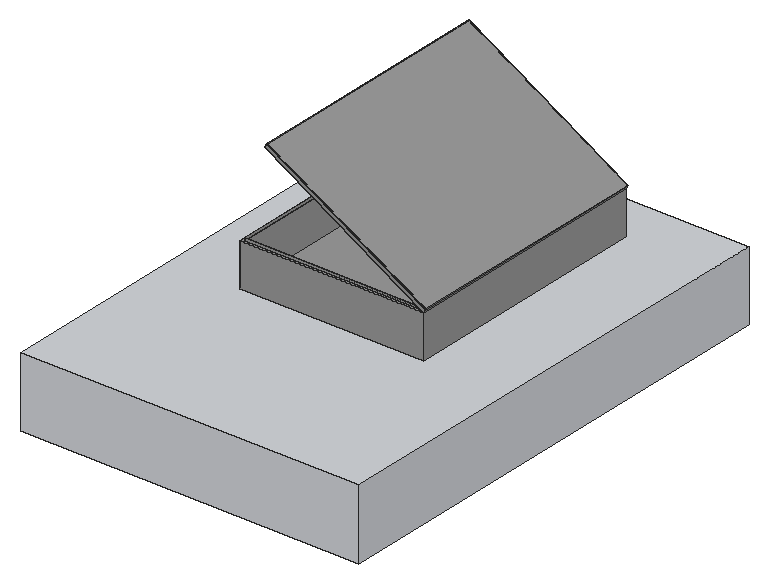
Revit family "Hager-Univers-IP54-D205-H1100-Cl.II-Encl-PT-pt", category Equipement électrique, Revit 2020
Family settings
  Hôte = Face
  Configuration du panneau = Deux colonnes, circuits au sein
  Cote de connecteur circulaire = Utiliser le diamètre
  Type d'élément = Tableau de raccordement
  Couper avec des vides une fois chargée = Non
  Partagée = Non
  Point de calcul de pièce = Non
Parameters (values of type "Montagem em superfície (gesso) IP54 L800 A1100 P205  - FP73SW2")
  Width Control [instance] = if([EF000008 - Largura] > Min Width, [EF000008 - Largura], Min Width)  # 800 mm
  Commentaires du type = [HG000003 - Gama]  # "Univers"
  Thickness Door [instance] = if([EF009171 - Espessura do material da porta/tampa] > 3 mm, 3 mm, [EF009171 - Espessura do material da porta/tampa])  # 1 mm
  Seal Frame Offset [instance] = 17 mm  # constant formula
  Plinth Visibility [instance] = [HG000027 - Altura da Plinta] > 0 mm  # no
  Model = ""
  Min Width [instance] = 100 mm  # constant formula
  Min Height [instance] = 100 mm  # constant formula
  Min Depth [instance] = (2 * [EF009170 - Espessura do material do invólucro]) + 1 mm  # 3 mm
  Internal Frame Depth [instance] = (Door System Depth * 0.5)  # 9 mm
  Height Control [instance] = if([EF000040 - Altura] > Min Height, [EF000040 - Altura], Min Height)  # 1100 mm
  HG000027 - Altura da Plinta = 0 mm
  HG000026 - Instalação no chão = no
  HG000024 - Altura da secção inferior = 800 mm
  HG000023 - Recinto de secção dupla = no
  HG000016 - Visibilidade da porta 3D [instance] = yes
  HG000015 - Visibilidade através da porta [instance] = no
  HG000014 - Porta à direita [instance] = yes
  HG000013 - Porta à esquerda [instance] = not([HG000014 - Porta à direita])  # no
  HG000012 - Ângulo de abertura de porta [instance] = 30.00°
  HG000010 - Portas assimétricas = no
  HG000009 - Porta dupla = no
  HG000006 - Encastrado = no
  HG000004 - Referência do Fabricante = "FP73SW2"
  HG000003 - Gama = "Univers"
  HG000002 - Com porta ou tampa = yes
  Frame Offset Bottom [instance] = 10 mm  # constant formula
  Frame Offset [instance] = 15 mm  # constant formula
  EF015940 - Tampa com libertação de sobrepressão = no
  EF011959 - Grau de proteção (NEMA) = ""
  EF009554 - Número de aberturas para placas de flange = 6
  Fabricant = "Hager"  # constant formula
  EF009212 - Tipo de tampa = "EV000116 - Fechado"
  EF009171 - Espessura do material da porta/tampa = 1 mm
  EF009170 - Espessura do material do invólucro = 1 mm
  EF008873 - Corrente nominal (In) = 250 A
  EF007800 - Adequado para proteção contra raios = no
  EF006306 - Com fecho = no
  EF006244 - Tampa/porta transparente = no
  EF005474 - Grau de proteção (IP) = "EV006419 - IP54"
  EF004464 - Tipo de porta = "EV002646 - Único"
  EF004427 - Número de módulos = 252
  EF004293 - Força de impacto = "EV006815 - IK09"
  EF003532 - Adequado para uso no exterior = no
  EF002950 - Largura em número de módulos = 36
  EF001613 - Integridade do circuito = "EV000494 - Nenhum"
  EF001596 - Material do corpo = "EV000179 - Aço"
  EF001131 - Profundidade interior = 130 mm
  EF001088 - Extensão possível = yes
  EF000437 - Número de entradas de condutores = 6
  EF000339 - Tipo de difusor = "EV004216 - Porta"
  EF000266 - Número de linhas = 7
  EF000218 - Profundidade incorporada = 205 mm
  EF000118 - Com tampa de montagem = no
  EF000116 - Número RAL = "9010"
  EF000049 - Profundidade = 205 mm
  EF000040 - Altura = 1100 mm
  EF000008 - Largura = 800 mm
  EF000007 - Cor = "EV000202 - Branco"
  EF000003 - Método de montagem = "EV000384 - Montagem em superfície (gesso)"
  Door System Leaf Tolerance [instance] = 1.5 mm  # constant formula
  Door System Depth [instance] = 18 mm  # constant formula
  Door Height [instance] = Height Control - [HG000027 - Altura da Plinta]  # 1100 mm
  Depth Control [instance] = if([EF000049 - Profundidade] > Min Depth, [EF000049 - Profundidade], Min Depth)  # 205 mm
  Default Elevation = 0 mm
  Connector Offset [instance] = Height Control / 2  # 550 mm
  Bottom Top Plate Trim [instance] = 1.5 mm  # constant formula
  Plinth height Ctrl [instance] = if([HG000027 - Altura da Plinta] > 0 mm, [HG000027 - Altura da Plinta], 12 mm)  # 12 mm
Types (5, lengths in mm): name | Width Control | HG000010 - Portas assimétricas | HG000009 - Porta dupla | HG000004 - Referência do Fabricante | EF009554 - Número de aberturas para placas de flange | EF004464 - Tipo de porta | EF004427 - Número de módulos | EF002950 - Largura em número de módulos | EF000437 - Número de entradas de condutores | EF000008 - Largura
  Montagem em superfície (gesso) IP54 L1050 A1100 P205  - FP74SW2 | 1050 | no | yes | "FP74SW2" | 8 | "EV003602 - Duplo" | 336 | 48 | 8 | 1050
  Montagem em superfície (gesso) IP54 L1300 A1100 P205  - FP75SW2 | 1300 | yes | yes | "FP75SW2" | 10 | "EV003602 - Duplo" | 420 | 60 | 10 | 1300
  Montagem em superfície (gesso) IP54 L300 A1100 P205  - FP71SW2 | 300 | no | no | "FP71SW2" | 2 | "EV002646 - Único" | 84 | 12 | 2 | 300
  Montagem em superfície (gesso) IP54 L550 A1100 P205  - FP72SW2 | 550 | no | no | "FP72SW2" | 4 | "EV002646 - Único" | 168 | 24 | 4 | 550
  Montagem em superfície (gesso) IP54 L800 A1100 P205  - FP73SW2 | 800 | no | no | "FP73SW2" | 6 | "EV002646 - Único" | 252 | 36 | 6 | 800
Reference planes
  plane 1 "Center (Front/Back)": y = 0
  plane 2: z = 0
  plane 3 "Center (Left/Right)": x = 0
  plane 4: z = 205
  plane 5: y = 1
  plane 6: y = 550
  plane 7: y = 0
  plane 8: y = 1100
  plane 9: z = 0
  plane 10: x = -385
  plane 11: x = 385
  plane 12: x = 384
  plane 13: x = -384
  plane 14: y = 1099
  plane 15: x = -383
  plane 16: x = -400
  plane 17: x = 383
  plane 18: x = 400
  plane 19: x = 399
  plane 20: x = -399
  plane 21: y = 11
  plane 22: y = 1100
  plane 23: y = 1084
  plane 24: z = 187
  plane 25: z = 1
  plane 26: z = 186
  plane 27: z = 204
Forms (mm)
  Extrusion 1, solid
    sketch origin (0, 0, 0) x (1, 0, 0) y (0, 1, 0)
      loop
        line (-702.964, 1305) -> (-702.964, -811.445) -> (766.763, -811.445) -> (766.763, 1305) -> (-702.964, 1305)
    from 0 to -304.8
  Extrusion 2, solid, material "Hager_Steel_RAL7035_Light_Grey", visible <- "Plinth Visibility", detail levels medium+fine
    sketch origin (0, 0, 0) x (1, 0, 0) y (0, 1, 0)
      loop
        line (-400, 0) -> (400, 0) -> (400, 12) -> (-400, 12) -> (-400, 0)
    from 0 to 187
  Extrusion 3, solid, material "Hager_Steel_RAL7035_Light_Grey", detail levels medium+fine
    sketch origin (0, 0, 0) x (1, 0, 0) y (0, 1, 0)
      loop
        line (-400, 0) -> (400, 0) -> (400, 1100) -> (-400, 1100) -> (-400, 0)
    from 0 to 187
  Extrusion 4, void
    sketch origin (0, 0, 0) x (1, 0, 0) y (0, 1, 0)
      loop
        line (-399, 1) -> (399, 1) -> (399, 1099) -> (-399, 1099) -> (-399, 1)
    from 1 to 186
  Extrusion 5, void
    sketch origin (-381.607, -4572, 187) x (0, -1, 0) y (-1, 0, 0)
      loop
        line (-4583, 2.393) -> (-5656, 2.393) -> (-5656, -765.607) -> (-4583, -765.607) -> (-4583, 2.393)
    from 0 to 1 <- "EF009170 - Espessura do material do invólucro"
  Extrusion 6, solid, material "Hager_Steel_RAL7035_Light_Grey", detail levels fine
    sketch origin (0, 0, 187) x (1, 0, 0) y (0, 1, 0)
      loop
        line (-384, 1084) -> (-384, 11) -> (384, 11) -> (384, 1084) -> (-384, 1084)
      loop
        line (-385, 10) -> (385, 10) -> (385, 1085) -> (-385, 1085) -> (-385, 10)
    from 0 to 9 <- "Internal Frame Depth"
  Extrusion 7, solid, material "Hager_Steel_RAL7035_Light_Grey", detail levels coarse
    sketch origin (0, 0, 0) x (1, 0, 0) y (0, 1, 0)
      loop
        line (-400, 0) -> (400, 0) -> (400, 1100) -> (-400, 1100) -> (-400, 0)
    from 0 to 205
  Sweep 8, void
    path in 3D
      loop
        line (-400, 12, 0) -> (400, 12, 0) -> (400, 12, 187) -> (-400, 12, 187) -> (-400, 12, 0)
    profile origin (-400, 12, 93.5) x (-1, 0, 0) y (0, -1, 0)
      loop
        line (0, 0) -> (0, 1.5) -> (-1.5, 1.5)
        arc (-1.5, 1.5) -> (-1.061, 0.439) -> (0, 0) r 1.5
Cuts and joins
  Extrusion 4, Extrusion 5 cuts Extrusion 3
  Sweep 8 cuts Extrusion 2
Lines and regions (mm)
  Masking region 1
    outline origin (0, 0, 0) x (1, 0, 0) y (0, 0, 1)
      loop
        line (-400, 205) -> (-400, 0) -> (400, 0) -> (400, 205) -> (-400, 205)
  Masking region 2, detail levels medium+fine
    outline origin (0, 140, 0) x (0, 1, 0) y (0, 0, 1)
      loop
        line (-140, 0) -> (960, 0) -> (960, 187) -> (-140, 187) -> (-140, 0)
  Masking region 3, not visible, detail levels medium+fine
    outline origin (0, 297.922, 0) x (0, 1, 0) y (0, 0, 1)
      loop
        line (263.578, 0) -> (303.578, 0) -> (303.578, 194)
        arc (303.578, 194) -> (300.649, 201.071) -> (293.578, 204) r 10
        line (293.578, 204) -> (263.578, 204) -> (263.578, 0)
  Masking region 4, detail levels coarse
    outline origin (0, 0, 180) x (0, 1, 0) y (0, 0, 1)
      loop
        line (0, -180) -> (1100, -180) -> (1100, 25) -> (0, 25) -> (0, -180)
  Masking region 5, visible <- "Plinth Visibility", detail levels medium+fine
    outline origin (0, 52.24, 12.345) x (0, 0, -1) y (0, 1, 0)
      loop
        line (10.845, -40.24) -> (-173.155, -40.24)
        arc (-173.155, -40.24) -> (-173.594, -41.301) -> (-174.655, -41.74) r 1.5
        line (-174.655, -41.74) -> (-174.655, -52.24) -> (12.345, -52.24) -> (12.345, -41.74)
        arc (12.345, -41.74) -> (11.285, -41.301) -> (10.845, -40.24) r 1.5
  Masking region 6, detail levels medium+fine
    outline origin (-381.607, -4572, 187) x (-1, 0, 0) y (0, -1, 0)
      loop
        line (18.393, -5672) -> (18.393, -4572) -> (-781.607, -4572) -> (-781.607, -5672) -> (18.393, -5672)
  Masking region 7, visible <- "Plinth Visibility", detail levels medium+fine
    outline origin (-381.607, -4727, 187) x (-1, 0, 0) y (0, -1, 0)
      loop
        arc (16.893, -4739) -> (17.332, -4737.939) -> (18.393, -4737.5) r 1.5
        line (18.393, -4737.5) -> (18.393, -4727) -> (-781.607, -4727) -> (-781.607, -4737.5)
        arc (-781.607, -4737.5) -> (-780.546, -4737.939) -> (-780.107, -4739) r 1.5
        line (-780.107, -4739) -> (16.893, -4739)
  Masking region 8, detail levels coarse
    outline origin (-442.548, -4669.526, 187) x (-1, 0, 0) y (0, -1, 0)
      loop
        line (-42.548, -5769.526) -> (-42.548, -4669.526) -> (-842.548, -4669.526) -> (-842.548, -5769.526) -> (-42.548, -5769.526)
  sketch lines
    curve 1: line (-400, 12, 187) -> (-400, 12, 0)
    curve 2: line (400, 12, 187) -> (-400, 12, 187)
    curve 3: line (400, 12, 187) -> (400, 12, 0)
    curve 4: line (-400, 12, 0) -> (400, 12, 0)
Dimensions and locks
  "Depth Control": plane 4 to Extrusion 1
  "HG000027 - Altura da Plinta": plane 1 "Center (Front/Back)" to plane 7
  "EF009170 - Espessura do material do invólucro": plane 5 to plane 7
  locked: connector elem to plane 3 "Center (Left/Right)"
  equal spacing: plane 8, plane 6, plane 7
  locked: connector elem to plane 6
  "EF009170 - Espessura do material do invólucro": plane 8 to plane 14
  "EF009170 - Espessura do material do invólucro": plane 10 to plane 13
  "EF009170 - Espessura do material do invólucro": plane 12 to plane 11
  "Frame Offset": plane 20 to plane 13
  "Frame Offset": plane 12 to plane 19
  "EF009170 - Espessura do material do invólucro": plane 16 to plane 20
  "EF009170 - Espessura do material do invólucro": plane 19 to plane 18
  "Seal Frame Offset": plane 16 to plane 15
  "Seal Frame Offset": plane 17 to plane 18
  "Frame Offset Bottom": plane 21 to plane 5
  "Frame Offset": plane 14 to plane 23
  equal spacing: plane 16, plane 3 "Center (Left/Right)", plane 18
  "Width Control": plane 16 to plane 18
  "EF009170 - Espessura do material do invólucro": plane 4 to plane 27
  "EF009170 - Espessura do material do invólucro": plane 24 to plane 26
  "EF009170 - Espessura do material do invólucro": plane 25 to level
  "Door System Depth": plane 4 to plane 24
  "Height Control": plane 1 "Center (Front/Back)" to Extrusion 7 sketch curve
  "Height Control": Masking region 4 sketch curve to plane 1 "Center (Front/Back)"
  "Height Control": plane 1 "Center (Front/Back)" to plane 22
  "Bottom Top Plate Trim": profile plane to Sweep 8 sketch curve
  "Bottom Top Plate Trim": Sweep 8 sketch curve to profile plane
  "Plinth height Ctrl": plane 1 "Center (Front/Back)" to Extrusion 2 sketch curve
  "Plinth height Ctrl": Masking region 5 sketch curve to plane 1 "Center (Front/Back)"
  "Plinth height Ctrl": plane 1 "Center (Front/Back)" to Masking region 7 sketch curve
  "Thickness Door": Extrusion 6 sketch curve to Extrusion 6 sketch curve  (x3)
  "Thickness Door": cut or joined group of Extrusion 3, Extrusion 4, Extrusion 5 to Extrusion 6 sketch curve
  radius of Masking region 3 sketch curve = 10 mm
  "Bottom Top Plate Trim": radius of Masking region 5 sketch curve  (x2)
  "Bottom Top Plate Trim": radius of Sweep 8 sketch curve
  "Bottom Top Plate Trim": radius of Masking region 7 sketch curve  (x2)
  aligned and locked: plane 2 to Extrusion 1
  aligned and locked: level to Extrusion 1
  aligned and locked: level to Masking region 1 sketch curve
  aligned and locked: Masking region 1 sketch curve to plane 18
  aligned and locked: Masking region 1 sketch curve to plane 16
  aligned and locked: plane 7 to Masking region 2 sketch curve
  aligned and locked: level to Masking region 3 sketch curve
  aligned and locked: Masking region 3 sketch curve to plane 27
  aligned and locked: level to Masking region 2 sketch curve
  aligned and locked: plane 1 "Center (Front/Back)" to Extrusion 2 sketch curve
  aligned and locked: Extrusion 3 sketch curve to plane 7
  aligned and locked: plane 16 to Extrusion 3 sketch curve
  aligned and locked: plane 18 to Extrusion 3 sketch curve
  aligned and locked: plane 20 to Extrusion 4 sketch curve
  aligned and locked: plane 19 to Extrusion 4 sketch curve
  aligned and locked: Extrusion 4 sketch curve to plane 5
  aligned and locked: Extrusion 4 to plane 25
  aligned and locked: plane 26 to Extrusion 4
  aligned and locked: plane 24 to Extrusion 3
  aligned and locked: Extrusion 5 sketch curve to plane 21
  aligned and locked: Extrusion 5 sketch curve to plane 13
  aligned and locked: Extrusion 5 sketch curve to plane 12
  aligned and locked: plane 18 to Extrusion 7 sketch curve
  aligned and locked: plane 1 "Center (Front/Back)" to Extrusion 7 sketch curve
  aligned and locked: plane 16 to Extrusion 7 sketch curve
  aligned and locked: plane 4 to Extrusion 7
  aligned and locked: Extrusion 7 to level
  aligned and locked: level to Masking region 4 sketch curve
  aligned and locked: Masking region 4 sketch curve to plane 1 "Center (Front/Back)"
  aligned and locked: Masking region 4 sketch curve to plane 4
  aligned and locked: nested 1 to level
  aligned and locked: nested 1 to plane 16
  aligned and locked: plane 8 to Extrusion 3 sketch curve
  aligned and locked: plane 23 to Extrusion 5 sketch curve
  aligned and locked: plane 14 to Extrusion 4 sketch curve
  aligned and locked: Masking region 2 sketch curve to plane 8
  aligned and locked: level to Masking region 5 sketch curve
  aligned and locked: plane 16 to Extrusion 2 sketch curve
  aligned and locked: plane 18 to Extrusion 2 sketch curve
  aligned and locked: Masking region 5 sketch curve to plane 24
  aligned and locked: Masking region 2 sketch curve to plane 24
  aligned and locked: plane 24 to Extrusion 2
  aligned and locked: profile plane to Sweep 8 sketch curve  (x2)
  aligned and locked: Masking region 6 sketch curve to plane 18
  aligned and locked: Masking region 6 sketch curve to plane 22
  aligned and locked: Masking region 6 sketch curve to plane 16
  aligned and locked: plane 8 to plane 22
  aligned and locked: Masking region 6 sketch curve to plane 7
  aligned and locked: Masking region 7 sketch curve to plane 16
  aligned and locked: Masking region 7 sketch curve to plane 1 "Center (Front/Back)"
  aligned and locked: Masking region 7 sketch curve to plane 18
  aligned and locked: Masking region 8 sketch curve to plane 1 "Center (Front/Back)"
  aligned and locked: Masking region 8 sketch curve to plane 18
  aligned and locked: Masking region 8 sketch curve to plane 22
  aligned and locked: Masking region 8 sketch curve to plane 16
  aligned and locked: nested 2 to plane 7
  aligned and locked: plane 3 "Center (Left/Right)" to nested 2
  aligned and locked: nested 2 to plane 24
  aligned and locked: Extrusion 6 sketch curve to cut or joined group of Extrusion 3, Extrusion 4, Extrusion 5  (x4)
Automatic sketch dimensions
  Extrusion 1 sketch curve to Extrusion 1 sketch curve = 1469.727 mm
  Extrusion 1 sketch curve to Extrusion 1 sketch curve = 2116.445 mm
  Masking region 1 sketch curve to plane 4 = 0 mm
  plane 6 to Masking region 3 sketch curve = 11.5 mm
  Masking region 3 sketch curve to Masking region 3 sketch curve = 30 mm
  Masking region 5 sketch curve to plane 1 "Center (Front/Back)" = 0 mm
Nested families
  nested 1: "Hager_Enclosure_Symbol" at (-400, 0, 0) x (1, 0, 0) z (0, -1, 0), Height <- "Depth Control", Width <- "Width Control", type "Hager_Enclosure_Symbol"
    with Width_Ctrl 800 mm, Width 800 mm, Height_Ctrl 205 mm, Height 205 mm, A_Width_Int 13.453 mm, A_Width 161.438 mm, A_Height_Ctrl 179.375 mm, A_Height 179.375 mm
  nested 2: "EC000058_Univers_Door" at (0, 0, 187) x (1, 0, 0) z (0, 1, 0), Leaf_Tolerance <- "Door System Leaf Tolerance", Angle <- "HG000012 - Ângulo de abertura de porta", Door_Depth <- "Door System Depth", Door_Left <- "HG000013 - Porta à esquerda", Transparent <- "EF006244 - Tampa/porta transparente", Assymetrical <- "HG000010 - Portas assimétricas", Width <- "Width Control", Clearance <- "HG000015 - Visibilidade através da porta", Double <- "HG000009 - Porta dupla", 3d_Door <- "HG000016 - Visibilidade da porta 3D", Lock_Visibility <- "EF006306 - Com fecho", Width_Ctrl <- "Width Control", Door_Right <- "HG000014 - Porta à direita", Door <- "HG000002 - Com porta ou tampa", Height <- "Door Height", Thickness <- "Thickness Door", type "EC000058_Univers_Door", detail levels medium+fine
    with min_wh 3 mm, Width_Ctrl 800 mm, Width 800 mm, Transparent no, Thickness 1 mm, Seal_Material Hager_Rubber, Lock_Visibility no, Lock_Material Hager_Plastic_RAL9005_Jet_Black, Leaf_Width 800 mm, Leaf_Tolerance_External_Sides 0 mm, Leaf_Tolerance 1.5 mm, Leaf_Offset 0 mm, Leaf_Height 1097 mm, Leaf_2_Width 800 mm, Leaf_2_Offset 400 mm, Leaf_1_Width 800 mm, Leaf_1_Offset 400 mm, Height_Ctrl 1100 mm, Height 1100 mm, Glass_Material Hager_Glass, Double_Clearance_Ctrl no, Double no, Door_Right_Ctrl yes, Door_Right yes, Door_Material Hager_Steel_RAL7035_Light_Grey, Door_Left_Ctrl no, Door_Left no, Door_Depth 18 mm, Door yes, Clearance_Material Hager_Clearance, Clearance_Depth 800 mm, Clearance_Ctrl no, Clearance no, Assymetrical no, Angle 30.00°, 3d_Door yes
Connectors
  electrical at (0, 550, 0)
    settings: on plane 9, index 1, voltage 0 V, apparent load 0 VA, apparent load phase1 0 VA, apparent load phase2 0 VA, apparent load phase3 0 VA, power factor 1, load classification "Other", number of poles 1, system type 30, power factor state 1, is connector primary yes, connector utility no, sub classification motor no, connector description ""
Definition of nested family "EC000058_Univers_Door"
  Parameters (values of type "EC000058_Univers_Door")
    min_wh [instance] = (2 * Thickness) + 1 mm  # 11 mm
    Width_Ctrl [instance] = 400 mm
    Width [instance] = 500 mm
    Transparent [instance] = yes
    Thickness [instance] = 5 mm
    Seal_Material [instance] = none
    Lock_Visibility [instance] = yes
    Lock_Material [instance] = none
    Leaf_Width [instance] = if((Width_Ctrl - 2 * Leaf_Tolerance_External_Sides) > 0 mm, (Width_Ctrl - 2 * Leaf_Tolerance_External_Sides), min_wh)  # 400 mm
    Leaf_Tolerance_External_Sides [instance] = 0 mm  # constant formula
    Leaf_Tolerance [instance] = 1.5 mm
    Leaf_Offset [instance] = 0 mm  # constant formula
    Leaf_Height [instance] = if((Height_Ctrl - 2 * Leaf_Tolerance) > 0 mm, (Height_Ctrl - 2 * Leaf_Tolerance), min_wh)  # 497 mm
    Leaf_2_Width [instance] = if(and(and(Double, Assymetrical), Door_Left), (Leaf_Width / 3) - (Leaf_Tolerance / 2), if(and(and(Double, Assymetrical), Door_Right), (Leaf_Width / 3) * 2 - (Leaf_Tolerance / 2), if(and(Double, not(Assymetrical)), (Leaf_Width / 2) - Leaf_Tolerance, Leaf_Width)))  # 400 mm
    Leaf_2_Offset [instance] = if(and(Double, Assymetrical), Leaf_2_Width / 2, if(and(Double, not(Assymetrical)), Leaf_Width / 4, Leaf_Width / 2))  # 200 mm
    Leaf_1_Width [instance] = if(and(and(Double, Assymetrical), Door_Right), (Leaf_Width / 3) - (Leaf_Tolerance / 2), if(and(and(Double, Assymetrical), Door_Left), (Width / 3) * 2 - (Leaf_Tolerance / 2), if(and(Double, not(Assymetrical)), (Leaf_Width / 2) - Leaf_Tolerance, Leaf_Width)))  # 400 mm
    Leaf_1_Offset [instance] = if(and(Double, Assymetrical), Leaf_1_Width / 2, if(and(Double, not(Assymetrical)), Leaf_Width / 4, Leaf_Width / 2))  # 200 mm
    Height_Ctrl [instance] = if(Height > min_wh, Height, min_wh)  # 500 mm
    Height [instance] = 500 mm
    Glass_Material [instance] = none
    Double_Clearance_Ctrl [instance] = and(Double, Clearance)  # no
    Double [instance] = no
    Door_Right_Ctrl [instance] = and(or(Door_Right, Double), Door)  # yes
    Door_Right [instance] = yes
    Door_Material [instance] = none
    Door_Left_Ctrl [instance] = and(or(Door_Left, Double), Door)  # no
    Door_Left [instance] = no
    Door_Depth [instance] = 30 mm
    Door [instance] = yes
    Default Elevation = 1219.2 mm
    Clearance_Material [instance] = none
    Clearance_Depth [instance] = if(Leaf_1_Width > Leaf_2_Width, Leaf_1_Width, Leaf_2_Width)  # 400 mm
    Clearance_Ctrl [instance] = and(not(Double), Clearance)  # yes
    Clearance [instance] = yes
    Assymetrical [instance] = yes
    Angle [instance] = 30.00°
    3d_Door [instance] = yes
  Reference planes
    plane 1 "Center (Front/Back)": y = 0
    plane 2 "Bottom": z = 0
    plane 3 "Center (Left/Right)": x = 0
    plane 4: z = 500
    plane 5: x = -200
    plane 6: x = 200
    plane 7: z = 500
    plane 8: x = -200
    plane 9: z = 0
    plane 10: x = 200
    plane 11: y = 0
    plane 12: z = 1.5
    plane 13: x = -600
    plane 14: y = -400
    plane 15: x = 600
    plane 16: x = 0
    plane 17: x = 0
    plane 18: x = -200
    plane 19: x = 200
    plane 20: z = 498.5
  Forms (mm)
    Extrusion 1, solid, material <- "Clearance_Material", visible <- "Double_Clearance_Ctrl"
      sketch origin (1200, 0, 0) x (1, 0, 0) y (0, 0, -1)
        loop
          line (-1800, -498.5) -> (-600, -498.5) -> (-600, 0) -> (-1800, 0) -> (-1800, -498.5)
      from 0 to -400
  Dimensions and locks
    equal spacing: plane 5, plane 3 "Center (Left/Right)", plane 6
    "Width_Ctrl": plane 5 to plane 6
    "Leaf_Offset": plane 5 to plane 8
    "Leaf_Offset": plane 6 to plane 10
    "Leaf_Offset": plane 9 to level
    "Leaf_Offset": plane 4 to plane 7
    "Height_Ctrl": plane 4 to level
    "Leaf_Tolerance": plane 12 to plane 9
    locked: plane 11 to plane 1 "Center (Front/Back)"
    "Leaf_1_Offset": plane 18 to plane 16
    "Leaf_2_Offset": plane 17 to plane 19
    "Leaf_1_Width": plane 13 to plane 8
    "Leaf_2_Width": plane 10 to plane 15
    "Clearance_Depth": plane 14 to plane 1 "Center (Front/Back)"
    "Leaf_Tolerance_External_Sides": plane 8 to plane 18
    "Leaf_Tolerance_External_Sides": plane 19 to plane 10
    "Leaf_Tolerance": plane 7 to plane 20
    aligned and locked: level to plane 2 "Bottom"
    aligned and locked: nested 1 to plane 16
    aligned and locked: nested 2 to plane 17
    aligned and locked: Extrusion 1 to plane 13
    aligned and locked: plane 15 to Extrusion 1
    aligned and locked: Extrusion 1 to plane 14
    aligned and locked: plane 12 to nested 1
    aligned and locked: nested 2 to plane 12
    aligned and locked: Extrusion 1 to plane 11
    aligned and locked: plane 20 to Extrusion 1
    aligned and locked: nested 2 to plane 11
    aligned and locked: nested 1 to plane 11
  Automatic sketch dimensions
    Extrusion 1 sketch curve to level = 0 mm
    plane 5 to Extrusion 1 sketch curve = 400 mm
    plane 6 to Extrusion 1 sketch curve = 400 mm
    Extrusion 1 sketch curve to plane 4 = 1.5 mm
  Nested families
    nested 1: "EC000058_Univers_Door_Leaf" at (0, 0, 1.5), Width <- "Leaf_1_Width", visible <- "Door_Left_Ctrl", Leaf_Height <- "Leaf_Height", Angle <- "Angle", 3d_Door <- "3d_Door", Transparent <- "Transparent", Clearance Material <- "Clearance_Material", Clearance <- "Clearance_Ctrl", Door_Material <- "Door_Material", Glass_Material <- "Glass_Material", Door_Depth <- "Door_Depth", Lock_Material <- "Lock_Material", Seal_Material <- "Seal_Material", Lock_Visibility <- "Lock_Visibility", Thickness <- "Thickness", type "EC000058_Univers_Door_Leaf"
      with Width 400 mm, Transparent_Glass_Offset 30 mm, Transparent_Ctrl yes, Transparent yes, Thickness 5 mm, Standard no, Seal_Material none, Seal_D2 8 mm, Seal_D1 1 mm, Offset_Internal_Frame 10 mm, Lock_Width 20 mm, Lock_Visibility_3d yes, Lock_Visibility yes, Lock_Thickness_3 3 mm, Lock_Thickness_2 1 mm, Lock_Thickness_1 3 mm, Lock_Radius_Offset_2 16 mm, Lock_Radius_Offset_1 15 mm, Lock_Radius_2 5 mm, Lock_Radius 6 mm, Lock_Offset 5 mm, Lock_Material none, Lock_Height 80 mm, Lock_Cover_Top_Offset_2d 17 mm, Lock_Cover_Height -65 mm, Leaf_Height 497 mm, Internal_Seal_Thickness 8 mm, Internal_Seal_Depth_2 4.5 mm, Internal_Frame_Depth 25 mm, Glass_Thickness -1 mm, Glass_Offset -2 mm, Glass_Material none, Door_Material none, Door_Depth 30 mm, Clearance Material none, Clearance yes, Angle_Ctrl 30.00°, Angle 30.00°, 3d_Door yes
    nested 2: "EC000058_Univers_Door_Leaf" at (0, 0, 1.5) x (-1, 0, 0) z (0, 0, 1), Width <- "Leaf_2_Width", visible <- "Door_Right_Ctrl", Leaf_Height <- "Leaf_Height", Angle <- "Angle", 3d_Door <- "3d_Door", Transparent <- "Transparent", Clearance Material <- "Clearance_Material", Clearance <- "Clearance_Ctrl", Door_Material <- "Door_Material", Glass_Material <- "Glass_Material", Door_Depth <- "Door_Depth", Lock_Material <- "Lock_Material", Seal_Material <- "Seal_Material", Lock_Visibility <- "Lock_Visibility", Thickness <- "Thickness", type "EC000058_Univers_Door_Leaf"
      with Width 400 mm, Transparent_Glass_Offset 30 mm, Transparent_Ctrl yes, Transparent yes, Thickness 5 mm, Standard no, Seal_Material none, Seal_D2 8 mm, Seal_D1 1 mm, Offset_Internal_Frame 10 mm, Lock_Width 20 mm, Lock_Visibility_3d yes, Lock_Visibility yes, Lock_Thickness_3 3 mm, Lock_Thickness_2 1 mm, Lock_Thickness_1 3 mm, Lock_Radius_Offset_2 16 mm, Lock_Radius_Offset_1 15 mm, Lock_Radius_2 5 mm, Lock_Radius 6 mm, Lock_Offset 5 mm, Lock_Material none, Lock_Height 80 mm, Lock_Cover_Top_Offset_2d 17 mm, Lock_Cover_Height -65 mm, Leaf_Height 497 mm, Internal_Seal_Thickness 8 mm, Internal_Seal_Depth_2 4.5 mm, Internal_Frame_Depth 25 mm, Glass_Thickness -1 mm, Glass_Offset -2 mm, Glass_Material none, Door_Material none, Door_Depth 30 mm, Clearance Material none, Clearance yes, Angle_Ctrl 30.00°, Angle 30.00°, 3d_Door yes
  Definition of nested family "EC000058_Univers_Door_Leaf"
    Parameters (values of type "EC000058_Univers_Door_Leaf")
      Width [instance] = 2000 mm
      Transparent_Glass_Offset [instance] = 30 mm
      Transparent_Ctrl [instance] = and(Transparent, [3d_Door])  # yes
      Transparent [instance] = yes
      Thickness [instance] = 5 mm
      Standard [instance] = and(not(Transparent), [3d_Door])  # no
      Seal_Material [instance] = none
      Seal_D2 [instance] = 8 mm  # constant formula
      Seal_D1 [instance] = 1 mm  # constant formula
      Offset_Internal_Frame [instance] = 10 mm  # constant formula
      Lock_Width [instance] = 20 mm  # constant formula
      Lock_Visibility_3d [instance] = and(Lock_Visibility, [3d_Door])  # yes
      Lock_Visibility [instance] = yes
      Lock_Thickness_3 [instance] = 3 mm  # constant formula
      Lock_Thickness_2 [instance] = 1 mm  # constant formula
      Lock_Thickness_1 [instance] = 3 mm  # constant formula
      Lock_Radius_Offset_2 [instance] = Lock_Radius_Offset_1 + 1 mm  # 16 mm
      Lock_Radius_Offset_1 [instance] = 15 mm  # constant formula
      Lock_Radius_2 [instance] = Lock_Radius - 1 mm  # 5 mm
      Lock_Radius [instance] = 6 mm  # constant formula
      Lock_Offset [instance] = 5 mm  # constant formula
      Lock_Material [instance] = none
      Lock_Height [instance] = 80 mm  # constant formula
      Lock_Cover_Top_Offset_2d [instance] = Lock_Radius_Offset_2 + 1 mm  # 17 mm
      Lock_Cover_Height [instance] = -(Lock_Height - Lock_Radius_Offset_1)  # -65 mm
      Leaf_Height [instance] = 2720.336 mm
      Internal_Seal_Thickness [instance] = 8 mm  # constant formula
      Internal_Seal_Depth_2 [instance] = 4.5 mm  # constant formula
      Internal_Frame_Depth [instance] = if(Door_Depth - Thickness > 5 mm, Door_Depth - Thickness, 5 mm)  # 25 mm
      Glass_Thickness [instance] = if(Thickness > 15 mm, Glass_Offset + 10 mm, -1 mm)  # -1 mm
      Glass_Offset [instance] = if(Thickness > 15 mm, -(Thickness + 10 mm) / 2, -2 mm)  # -2 mm
      Glass_Material [instance] = none
      Door_Material [instance] = none
      Door_Depth [instance] = 30 mm
      Default Elevation = 0 mm
      Clearance Material [instance] = none
      Clearance [instance] = yes
      Angle_Ctrl [instance] = if(Angle > 180.00°, 180.00°, Angle)  # 90.00°
      Angle [instance] = 90.00°
      3d_Door [instance] = yes
    Reference planes
      plane 1 "Center (Front/Back)": y = 0
      plane 2: z = 0
      plane 3 "Center (Left/Right)": x = 0
      plane 4: y = 2000
      plane 5: x = -1000
      plane 6: x = 1000
      plane 7: x = -3000
      plane 8: z = 2720.336
      plane 9: z = 30
      plane 10: z = 2690.336
      plane 11: x = 970
      plane 12: x = -970
      plane 13: y = -3
      plane 14: z = 107.833
      plane 15: y = -5
      plane 16: y = -223.314
      plane 17: x = -1000
      plane 18: z = 1360.168
      plane 19: y = 30
    Forms (mm)
      Extrusion 1, solid, material <- "Clearance Material", visible <- "Clearance"
        sketch origin (0, 0, 0) x (1, 0, 0) y (0, 0, 1)
          loop
            line (-3000, 2720.336) -> (-3000, 0) -> (1000, 0) -> (1000, 2720.336) -> (-3000, 2720.336)
        from 0 to -2000
      Extrusion 2, solid, material <- "Door_Material", visible <- "Standard", detail levels medium+fine
        sketch origin (-1000, 0, 0) x (0, 1, 0) y (-1, 0, 0)
          loop
            line (0, 30) -> (0, 25) -> (2000, 25) -> (2000, 30) -> (0, 30)
        from 0 to 2720.336 <- "Leaf_Height"
      Extrusion 3, solid, material <- "Door_Material", visible <- "Transparent_Ctrl", detail levels medium+fine
        sketch origin (-1000, 0, 0) x (0, 1, 0) y (-1, 0, 0)
          loop
            line (0, 25) -> (2000, 25) -> (2000, 30) -> (0, 30) -> (0, 25)
        from 0 to 2720.336 <- "Leaf_Height"
      Extrusion 4, void
        sketch origin (-1025, 2000, 0) x (0, 1, 0) y (0, 0, -1)
          loop
            line (-30, -2690.336) -> (-30, -30) -> (-1970, -30) -> (-1970, -2690.336) -> (-30, -2690.336)
        from 0 to 5 <- "Thickness"
      Sweep 5, solid, material <- "Seal_Material", visible <- "Transparent_Ctrl", detail levels fine
        path in 3D
          loop
            line (-1025, 30, 30) -> (-1025, 30, 2690.336) -> (-1025, 1970, 2690.336) -> (-1025, 1970, 30) -> (-1025, 30, 30)
        profile origin (-1025, 1000, 30) x (1, 0, 0) y (0, 0, 1)
          loop
            line (0, 0) -> (0, -8) -> (1, -8) -> (1, 0) -> (0, 0)
      Extrusion 6, solid, material <- "Glass_Material", visible <- "Transparent_Ctrl", detail levels medium+fine
        sketch origin (-1030, 0, 0) x (0, 1, 0) y (0, 0, -1)
          loop
            line (1970, -2690.336) -> (1970, -30) -> (30, -30) -> (30, -2690.336) -> (1970, -2690.336)
        from -2 <- "Glass_Offset" to -1 <- "Glass_Thickness"
      Extrusion 7, solid, material <- "Door_Material", visible <- "3d_Door", detail levels medium+fine
        sketch origin (-1025, 2000, 0) x (0, -1, 0) y (0, 0, -1)
          loop
            line (0, -2720.336) -> (2000, -2720.336) -> (2000, 0) -> (0, 0) -> (0, -2720.336)
          loop
            line (1995, -5) -> (5, -5) -> (5, -2715.336) -> (1995, -2715.336) -> (1995, -5)
        from 0 to 25 <- "Internal_Frame_Depth"
      Sweep 8, solid, material <- "Seal_Material", visible <- "Transparent_Ctrl", detail levels fine
        path in 3D
          loop
            line (-1025, 0, 0) -> (-1025, 2000, 0) -> (-1025, 2000, 2720.336) -> (-1025, 0, 2720.336) -> (-1025, 0, 0)
        profile origin (-1025, 0, 1360.168) x (1, 0, 0) y (0, 1, 0)
          loop
            line (0, 10) -> (2.975, 10)
            arc (2.975, 10) -> (4.053, 10.447) -> (4.5, 11.525) r 1.525
            line (4.5, 11.525) -> (4.5, 16.527)
            arc (4.5, 16.527) -> (4.069, 17.569) -> (3.027, 18) r 1.473
            line (3.027, 18) -> (0, 18) -> (0, 10)
      Extrusion 9, solid, material <- "Lock_Material", visible <- "Lock_Visibility_3d", detail levels fine
        sketch origin (-1030, 0, 0) x (0, 1, 0) y (0, 0, -1)
          loop
            arc (1993.5, -1400.168) -> (1994.561, -1399.729) -> (1995, -1398.668) r 1.5
            line (1995, -1398.668) -> (1995, -1320.168) -> (1975, -1320.168) -> (1975, -1398.668)
            arc (1975, -1398.668) -> (1975.439, -1399.729) -> (1976.5, -1400.168) r 1.5
            line (1976.5, -1400.168) -> (1993.5, -1400.168)
        from 3 <- "Lock_Thickness_1" to 0
      Blend 10, solid, material <- "Lock_Material", visible <- "Lock_Visibility_3d", detail levels fine
        base sketch origin (-1033, 0, 0) x (0, 1, 0) y (0, 0, -1)
          loop
            line (1975, -1320.168) -> (1975, -1398.668)
            arc (1975, -1398.668) -> (1975.439, -1399.729) -> (1976.5, -1400.168) r 1.5
            line (1976.5, -1400.168) -> (1993.5, -1400.168)
            arc (1993.5, -1400.168) -> (1994.561, -1399.729) -> (1995, -1398.668) r 1.5
            line (1995, -1398.668) -> (1995, -1320.168) -> (1975, -1320.168)
        top sketch origin (-1033, 0, 0) x (0, 1, 0) y (0, 0, -1)
          loop
            line (1976, -1320.168) -> (1976, -1398.668)
            arc (1976, -1398.668) -> (1976.146, -1399.022) -> (1976.5, -1399.168) r 0.5
            line (1976.5, -1399.168) -> (1993.5, -1399.168)
            arc (1993.5, -1399.168) -> (1993.854, -1399.022) -> (1994, -1398.668) r 0.5
            line (1994, -1398.668) -> (1994, -1320.168) -> (1976, -1320.168)
        from 0 to 1 <- "Lock_Thickness_2"
      Blend 11, solid, material <- "Lock_Material", visible <- "Lock_Visibility_3d", detail levels fine
        base sketch origin (-1034, 0, 0) x (0, 1, 0) y (0, 0, -1)
          loop
            line (1978, -1320.168) -> (1978, -1384.168)
            arc (1978, -1384.168) -> (1985, -1391.168) -> (1992, -1384.168) r 7
            line (1992, -1384.168) -> (1992, -1320.168) -> (1978, -1320.168)
        top sketch origin (-1034, 0, 0) x (0, 1, 0) y (0, 0, -1)
          loop
            line (1991, -1320.168) -> (1979, -1320.168) -> (1979, -1383.168)
            arc (1979, -1383.168) -> (1985, -1389.168) -> (1991, -1383.168) r 6
            line (1991, -1383.168) -> (1991, -1320.168)
        from 0 to 3 <- "Lock_Thickness_3"
      Extrusion 12, solid, material <- "Lock_Material", visible <- "Lock_Visibility_3d", detail levels fine
        sketch origin (-1030, 1975, 1320.168) x (1, 0, 0) y (0, -1, 0)
          loop
            line (-7, -19) -> (-7, -1) -> (0, -1) -> (0, 0) -> (-8, 0) -> (-8, -20) -> (0, -20) -> (0, -19) -> (-7, -19)
        from 0 to -65 <- "Lock_Cover_Height"
      Extrusion 13, void
        sketch origin (-1038, 1995, 1320.168) x (-1, 0, 0) y (0, 0, -1)
          loop
            line (-5, -65) -> (0, -65) -> (-5, -60) -> (-5, -65)
        from 0 to 20 <- "Lock_Width"
      Extrusion 14, void
        sketch origin (-1038, 1975, 1320.168) x (0, -1, 0) y (0, 0, -1)
          loop
            circle (-10, -15.995) r 6
          loop
            circle (-10, -15.995) r 5
        from 0 to 2
      Extrusion 15, solid, material <- "Lock_Material", visible <- "Lock_Visibility_3d", detail levels medium
        sketch origin (-1030, 0, 0) x (0, 1, 0) y (0, 0, -1)
          loop
            arc (1993.5, -1400.168) -> (1994.561, -1399.729) -> (1995, -1398.668) r 1.5
            line (1995, -1398.668) -> (1995, -1320.168) -> (1975, -1320.168) -> (1975, -1398.668)
            arc (1975, -1398.668) -> (1975.439, -1399.729) -> (1976.5, -1400.168) r 1.5
            line (1976.5, -1400.168) -> (1993.5, -1400.168)
        from 8 to 0
    Cuts and joins
      Extrusion 4 cuts Extrusion 3
      Extrusion 13, Extrusion 14 cuts Extrusion 9
      Extrusion 14 cuts Blend 11
      Extrusion 13, Extrusion 14 cuts Extrusion 12
      joined: Extrusion 9, Blend 10, Blend 11, Extrusion 12
      Extrusion 14 cuts Extrusion 15
    Lines and regions (mm)
      Masking region 1, visible <- "Lock_Visibility", detail levels fine
        outline origin (0, 0, 0) x (0, 1, 0) y (0, 0, 1)
          loop
            line (30, 1320.168) -> (33, 1320.168) -> (33, 1400.168) -> (30, 1400.168) -> (30, 1320.168)
      Masking region 2, visible <- "Lock_Visibility", detail levels fine
        outline origin (0, 3.143, 0) x (0, 1, 0) y (0, 0, 1)
          loop
            line (29.857, 1354.168) -> (30.857, 1354.168) -> (30.857, 1366.168) -> (29.857, 1366.168) -> (29.857, 1354.168)
      Masking region 3, detail levels medium+fine
        outline origin (0, 0, 0) x (0, 1, 0) y (0, 0, 1)
          loop
            line (0, 0) -> (30, 0) -> (30, 2720.336) -> (0, 2720.336) -> (0, 0)
      Masking region 4, detail levels medium+fine
        outline origin (0, 0, 0) x (1, 0, 0) y (0, 0, 1)
          loop
            line (-1000, 2720.336) -> (-1000, 0) -> (1000, 0) -> (1000, 2720.336) -> (-1000, 2720.336)
      Masking region 5, visible <- "Lock_Visibility", detail levels fine
        outline origin (-47.116, 0, 0) x (1, 0, 0) y (0, 0, 1)
          loop
            arc (1024.616, 1399.168) -> (1023.556, 1398.729) -> (1023.116, 1397.668) r 1.5
            line (1023.116, 1397.668) -> (1023.116, 1320.168) -> (1041.116, 1320.168) -> (1041.116, 1397.668)
            arc (1041.116, 1397.668) -> (1040.677, 1398.729) -> (1039.616, 1399.168) r 1.5
            line (1039.616, 1399.168) -> (1024.616, 1399.168)
      Masking region 6, visible <- "Lock_Visibility", detail levels medium+fine
        outline origin (-25, 0, 0) x (1, 0, 0) y (0, 0, 1)
          loop
            arc (1001.5, 1400.168) -> (1000.439, 1399.729) -> (1000, 1398.668) r 1.5
            line (1000, 1398.668) -> (1000, 1320.168) -> (1020, 1320.168) -> (1020, 1398.668)
            arc (1020, 1398.668) -> (1019.561, 1399.729) -> (1018.5, 1400.168) r 1.5
            line (1018.5, 1400.168) -> (1001.5, 1400.168)
      Masking region 7, visible <- "Lock_Visibility", detail levels fine
        outline origin (-73.735, 0, 0) x (1, 0, 0) y (0, 0, 1)
          loop
            line (1051.735, 1382.168) -> (1065.735, 1382.168) -> (1065.735, 1384.168)
            arc (1065.735, 1384.168) -> (1058.735, 1391.168) -> (1051.735, 1384.168) r 7
            line (1051.735, 1384.168) -> (1051.735, 1382.168)
      Masking region 8, visible <- "Lock_Visibility", detail levels fine
        outline origin (-73.735, 0, 0) x (1, 0, 0) y (0, 0, 1)
          loop
            line (1052.735, 1382.168) -> (1064.735, 1382.168) -> (1064.735, 1383.168)
            arc (1064.735, 1383.168) -> (1058.735, 1389.168) -> (1052.735, 1383.168) r 6
            line (1052.735, 1383.168) -> (1052.735, 1382.168)
      Masking region 9, visible <- "Lock_Visibility", detail levels fine
        outline origin (-25, 0, 0) x (1, 0, 0) y (0, 0, 1)
          loop
            line (1020, 1320.168) -> (1020, 1382.168) -> (1000, 1382.168) -> (1000, 1320.168) -> (1020, 1320.168)
      Masking region 10, detail levels medium+fine
        outline origin (0, 0, 0) x (1, 0, 0) y (0, 0, 1)
          loop
            circle (985, 1335.144) r 6
      Masking region 11, detail levels fine
        outline origin (0, 0, 0) x (1, 0, 0) y (0, 0, 1)
          loop
            circle (985, 1335.144) r 5
      Masking region 12, visible <- "Lock_Visibility", detail levels fine
        outline origin (0, 12.767, 0) x (0, 1, 0) y (0, 0, 1)
          loop
            line (20.233, 1320.168) -> (21.233, 1320.168) -> (21.233, 1399.168) -> (20.233, 1400.168) -> (20.233, 1320.168)
      Masking region 13, visible <- "Lock_Visibility", detail levels fine
        outline origin (0, 13.767, -10) x (0, 1, 0) y (0, 0, 1)
          loop
            line (20.233, 1330.168) -> (23.233, 1330.168) -> (23.233, 1399.168) -> (20.233, 1402.168) -> (20.233, 1330.168)
      Masking region 14, visible <- "Lock_Visibility", detail levels fine
        outline origin (0, 12.767, -10) x (0, 1, 0) y (0, 0, 1)
          loop
            line (20.233, 1330.168) -> (25.233, 1330.168) -> (25.233, 1399.305) -> (20.233, 1394.305) -> (20.233, 1330.168)
      Masking region 15, visible <- "Lock_Visibility", detail levels medium
        outline origin (0, 0, 0) x (0, 1, 0) y (0, 0, 1)
          loop
            line (30, 1320.168) -> (38, 1320.168) -> (38, 1400.168) -> (30, 1400.168) -> (30, 1320.168)
      Masking region 16, visible <- "Lock_Visibility", detail levels fine
        outline origin (-1000, 0, 0) x (0, 1, 0) y (-1, 0, 0)
          loop
            line (1975, 30) -> (1995, 30) -> (1995, 38) -> (1975, 38) -> (1975, 30)
          loop
            line (1979, 37) -> (1976, 37) -> (1976, 34) -> (1978, 34) -> (1979, 37)
          loop
            line (1994, 37) -> (1991, 37) -> (1992, 34) -> (1994, 34) -> (1994, 37)
      Masking region 17, visible <- "Lock_Visibility", detail levels medium
        outline origin (-1000, 0, 0) x (0, 1, 0) y (-1, 0, 0)
          loop
            line (1975, 30) -> (1995, 30) -> (1995, 38) -> (1975, 38) -> (1975, 30)
      symbolic lines
        curve 1: line (1000, 0, 0) -> (-3000, 0, 0)
        curve 2: arc (1000, 0, 0) -> (-1000, 2000, 0) -> (-3000, 0, 0) r 2000
        curve 4: line (-1030, 0, 0) -> (-1030, 2000, 0)
      reference lines
        curve 3: line (-1000, 0, 0) -> (-1000, 2000, 0)
      symbolic lines, detail levels medium+fine
        curve 5: line (-1030, 2000, 0) -> (-1025, 2000, 0)
        curve 7: line (-1025, 0, 0) -> (-1030, 0, 0)
        curve 8: line (-1025, 0, 0) -> (-1000, 0, 0)
        curve 9: line (-1000, 0, 0) -> (-1000, 2000, 0)
        curve 10: line (-1000, 2000, 0) -> (-1025, 2000, 0)
      symbolic lines, detail levels fine
        curve 6: line (-1025, 2000, 0) -> (-1025, 0, 0)
      sketch lines
        curve 11: line (-1025, 0, 2720.336) -> (-1025, 0, 0)
        curve 12: line (-1025, 2000, 0) -> (-1025, 0, 0)
        curve 13: line (-1025, 2000, 2720.336) -> (-1025, 2000, 0)
        curve 14: line (-1025, 0, 2720.336) -> (-1025, 2000, 2720.336)
        curve 15: line (-1025, 1970, 30) -> (-1025, 30, 30)
        curve 16: line (-1025, 30, 30) -> (-1025, 30, 2690.336)
        curve 17: line (-1025, 1970, 2690.336) -> (-1025, 1970, 30)
        curve 18: line (-1025, 30, 2690.336) -> (-1025, 1970, 2690.336)
      symbolic lines, visible <- "Transparent", detail levels medium+fine
        curve 19: line (-970, 0, 2690.336) -> (970, 0, 2690.336)
        curve 20: line (-970, 0, 30) -> (-970, 0, 2690.336)
        curve 21: line (970, 0, 30) -> (-970, 0, 30)
        curve 22: line (970, 0, 2690.336) -> (970, 0, 30)
    Dimensions and locks
      "Width": plane 1 "Center (Front/Back)" to plane 4
      equal spacing: plane 5, plane 3 "Center (Left/Right)", plane 6
      "Width": plane 5 to plane 6
      "Width": plane 7 to plane 5
      "Leaf_Height": plane 8 to level
      "Width": curve 5 to curve 3
      "Width": curve 3 to curve 3
      plane 8 to plane 10 = 30 mm
      plane 9 to level = 30 mm
      plane 12 to plane 5 = 30 mm
      plane 6 to plane 11 = 30 mm
      Extrusion 1 to Extrusion 4 sketch curve = 30 mm
      "Transparent_Glass_Offset": curve 3 to Extrusion 4 sketch curve
      "Transparent_Glass_Offset": Extrusion 4 sketch curve to cut or joined group of Extrusion 3, Extrusion 4  (x2)
      cut or joined group of Extrusion 3, Extrusion 4 to Extrusion 6 sketch curve = 30 mm
      "Transparent_Glass_Offset": cut or joined group of Extrusion 3, Extrusion 4 to Extrusion 4 sketch curve
      "Thickness": curve 6 to curve 4
      "Thickness": Extrusion 7 sketch curve to Extrusion 7 sketch curve  (x4)
      "Door_Depth": curve 4 to curve 3
      "Offset_Internal_Frame": profile plane to Sweep 8 sketch curve
      "Internal_Seal_Thickness": Sweep 8 sketch curve to Sweep 8 sketch curve
      "Internal_Seal_Depth_2": profile plane to Sweep 8 sketch curve
      "Seal_D1": profile plane to Sweep 5 sketch curve
      "Seal_D2": profile plane to Sweep 5 sketch curve
      "Thickness": Extrusion 2 sketch curve to Extrusion 2 sketch curve
      equal spacing: Extrusion 9 sketch curve, plane 18, Extrusion 9 sketch curve  (x2)
      equal spacing: Masking region 1 sketch curve, plane 18, Masking region 1 sketch curve
      "Lock_Height": Masking region 1 sketch curve to Masking region 1 sketch curve
      "Lock_Radius": Masking region 2 sketch curve to plane 18 to Masking region 2 sketch curve
      Masking region 2 sketch curve to Masking region 1 = 1 mm
      "Door_Depth": plane 19 to plane 1 "Center (Front/Back)"
      "Lock_Thickness_1": Masking region 1 sketch curve to plane 19
      "Lock_Width": Extrusion 9 sketch curve to Extrusion 9 sketch curve
      "Lock_Height": Extrusion 9 sketch curve to Extrusion 9 sketch curve
      "Lock_Offset": cut or joined group of Extrusion 3, Extrusion 4 to Extrusion 9 sketch curve
      equal spacing: plane 8, plane 18, level
      "Lock_Radius_Offset_1": Blend 11 sketch curve to Blend 10
      locked: Blend 10 to Blend 11 sketch curve at 2  (x2)
      locked: var sketch to Blend 11 sketch curve at 1  (x2)
      "Lock_Radius_Offset_2": Blend 11 sketch curve to Blend 10
      locked: Extrusion 12 sketch curve to Extrusion 12 sketch curve at 1  (x3)
      Masking region 6 sketch curve to Masking region 6 sketch curve = 80 mm
      "Lock_Height": Masking region 6 sketch curve to Masking region 6 sketch curve
      "Lock_Width": Masking region 6 sketch curve to Masking region 6 sketch curve
      locked: Masking region 6 to Masking region 5 sketch curve at 1  (x3)
      locked: Masking region 5 to Masking region 7 sketch curve at 2  (x2)
      "Lock_Radius_Offset_1": Masking region 5 to Masking region 7 sketch curve
      "Lock_Radius_Offset_2": Masking region 5 to Masking region 8 sketch curve
      locked: Masking region 7 to Masking region 8 sketch curve at 1  (x2)
      "Lock_Cover_Top_Offset_2d": Masking region 5 to Masking region 9 sketch curve
      equal spacing: Masking region 9, Masking region 10 sketch curve, Masking region 9
      equal spacing: Masking region 9, Masking region 11 sketch curve, Masking region 9
      Extrusion 15 sketch curve to Extrusion 15 sketch curve = 80 mm
      "Lock_Width": Extrusion 15 sketch curve to Extrusion 15 sketch curve
      "Lock_Height": Extrusion 15 sketch curve to Extrusion 15 sketch curve
      equal spacing: Extrusion 15 sketch curve, plane 18, Extrusion 15 sketch curve
      "Lock_Thickness_3": Masking region 13 sketch curve to Masking region 13 sketch curve
      "Lock_Height": Masking region 12 sketch curve to Masking region 12 sketch curve
      locked: Masking region 13 sketch curve to Masking region 1 at 8
      locked: Masking region 14 sketch curve to Masking region 13 at 1
      locked: Masking region 14 sketch curve to Masking region 1 at 10.863
      "Lock_Height": Masking region 15 sketch curve to Masking region 15 sketch curve
      "Lock_Offset": Extrusion 15 sketch curve to cut or joined group of Extrusion 3, Extrusion 4
      "Lock_Offset": plane 6 to Masking region 6 sketch curve
      radius of Sweep 8 sketch curve = 1.525 mm
      radius of Sweep 8 sketch curve = 1.473 mm
      radius of Extrusion 9 sketch curve = 1.5 mm  (x2)
      "Lock_Radius": radius of Extrusion 14 sketch curve
      "Lock_Radius_2": radius of Extrusion 14 sketch curve
      "Lock_Radius": radius of Masking region 10 sketch curve
      "Lock_Radius_2": radius of Masking region 11 sketch curve
      radius of Extrusion 15 sketch curve = 1.5 mm  (x2)
      "Angle_Ctrl": angle plane 1 "Center (Front/Back)" to curve 3
      locked: Masking region 12 sketch curve to Masking region 12 sketch curve (angle 45.00°)
      locked: Masking region 13 sketch curve to Masking region 13 sketch curve (angle 45.00°)
      locked: Masking region 14 sketch curve to Masking region 14 sketch curve (angle 45.00°)
      aligned and locked: level to plane 2
      aligned and locked: Extrusion 1 to curve 1
      aligned and locked: plane 6 to Extrusion 1
      aligned and locked: Extrusion 1 to plane 1 "Center (Front/Back)"
      aligned and locked: plane 4 to Extrusion 1
      aligned and locked: plane 8 to Extrusion 1
      aligned and locked: curve 7 to Extrusion 2 sketch curve
      aligned and locked: curve 5 to Extrusion 2 sketch curve
      aligned and locked: curve 7 to Extrusion 3 sketch curve
      aligned and locked: Extrusion 3 sketch curve to curve 4
      aligned and locked: Extrusion 3 sketch curve to curve 6
      aligned and locked: Extrusion 3 sketch curve to curve 5
      aligned and locked: curve 9 to curve 3
      aligned and locked: Extrusion 7 sketch curve to cut or joined group of Extrusion 3, Extrusion 4  (x4)
      aligned and locked: plane 17 to curve 3
      aligned and locked: plane 1 "Center (Front/Back)" to curve 3
      aligned and locked: plane 17 to plane 5
      aligned and locked: Sweep 8 sketch curve to profile plane
      aligned and locked: Sweep 5 sketch curve to profile plane  (x2)
      aligned and locked: Masking region 1 to Masking region 2 sketch curve
      aligned and locked: plane 19 to Masking region 1 sketch curve
      aligned and locked: plane 1 "Center (Front/Back)" to Masking region 3 sketch curve
      aligned and locked: plane 19 to Masking region 3 sketch curve
      aligned and locked: level to Masking region 3 sketch curve
      aligned and locked: Masking region 3 sketch curve to plane 8
      aligned and locked: plane 17 to Masking region 4 sketch curve
      aligned and locked: level to Masking region 4 sketch curve
      aligned and locked: Masking region 4 sketch curve to plane 8
      aligned and locked: plane 12 to curve 20
      aligned and locked: plane 10 to curve 19
      aligned and locked: plane 11 to curve 22
      aligned and locked: curve 21 to plane 9
      aligned and locked: Extrusion 2 sketch curve to cut or joined group of Extrusion 3, Extrusion 4
      aligned and locked: Blend 10 sketch curve to Extrusion 9  (x4)
      aligned and locked: Extrusion 9 to Blend 10 sketch curve
      aligned and locked: Blend 10 to Blend 11 sketch curve
      aligned and locked: Extrusion 12 sketch curve to Blend 11
      aligned and locked: Extrusion 12 sketch curve to Extrusion 9  (x4)
      aligned and locked: Masking region 5 sketch curve to Masking region 6
      aligned and locked: Masking region 9 sketch curve to Masking region 6  (x3)
      aligned and locked: Masking region 12 sketch curve to Masking region 1
      aligned and locked: Masking region 13 sketch curve to Masking region 1
      aligned and locked: Masking region 12 to Masking region 14
      aligned and locked: Masking region 14 sketch curve to Masking region 1
      aligned and locked: Masking region 15 sketch curve to Masking region 14
      aligned and locked: Masking region 13 sketch curve to Masking region 12
      aligned and locked: Masking region 16 sketch curve to cut or joined group of Extrusion 14, Extrusion 15  (x4)
      aligned and locked: Masking region 16 sketch curve to cut or joined group of Extrusion 9, Blend 10, Blend 11, Extrusion 12, Extrusion 13, Extrusion 14  (x6)
      aligned and locked: cut or joined group of Extrusion 9, Blend 10, Blend 11, Extrusion 12, Extrusion 13, Extrusion 14 to Masking region 16 sketch curve
      aligned and locked: Masking region 17 sketch curve to cut or joined group of Extrusion 14, Extrusion 15  (x3)
      aligned and locked: Masking region 17 sketch curve to cut or joined group of Extrusion 9, Blend 10, Blend 11, Extrusion 12, Extrusion 13, Extrusion 14
      aligned and locked: Masking region 9 to Masking region 8 sketch curve
      aligned and locked: Masking region 9 to Masking region 7 sketch curve
    Automatic sketch dimensions
      plane 1 "Center (Front/Back)" to curve 2 = 0 mm
      curve 2 to plane 5 = 0 mm
      Extrusion 1 sketch curve to level = 0 mm
      Extrusion 1 sketch curve to plane 7 = 0 mm
      Extrusion 1 sketch curve to plane 6 = 0 mm
      Extrusion 1 sketch curve to plane 8 = 0 mm
      Extrusion 3 to Extrusion 6 sketch curve = 30 mm  (x4)
      Masking region 4 sketch curve to plane 6 = 0 mm
      Blend 10 sketch curve to Extrusion 9 = 1.5 mm
      Blend 10 sketch curve to Extrusion 9 = 1 mm
      Extrusion 13 sketch curve to Extrusion 12 = 0 mm  (x2)
      Extrusion 12 to Extrusion 13 sketch curve = 3 mm
      Extrusion 13 sketch curve to Extrusion 12 = 5 mm
      Extrusion 14 sketch curve to Extrusion 14 sketch curve = 0 mm  (x2)
      Extrusion 14 sketch curve to Extrusion 12 = 10 mm
      Extrusion 14 sketch curve to Extrusion 12 = 15.995 mm
      Masking region 5 sketch curve to Masking region 5 sketch curve = 1.5 mm  (x2)
      Masking region 10 sketch curve to plane 18 = 25.024 mm
      Masking region 11 sketch curve to plane 18 = 25.024 mm
      plane 19 to Masking region 14 sketch curve = 3 mm
      Masking region 16 sketch curve to Masking region 16 sketch curve = 3 mm
      curve 4 to curve 3 = 0 mm
      Blend 10 to Blend 11 sketch curve = 0 mm
      Masking region 6 sketch curve to Masking region 6 sketch curve = 1.5 mm  (x2)
      Masking region 6 sketch curve to plane 18 = 40 mm
      plane 19 to Masking region 12 sketch curve = 3 mm
      Masking region 12 sketch curve to Masking region 12 sketch curve = 1 mm
      Masking region 15 sketch curve to plane 19 = 0 mm
      Masking region 15 sketch curve to plane 18 = 40 mm
      radius of Blend 10 sketch curve to Extrusion 9 = 1 mm
Definition of nested family "Hager_Enclosure_Symbol"
  Parameters (values of type "Hager_Enclosure_Symbol")
    Width_Ctrl [instance] = if(Width > 1 mm, Width, 1 mm)  # 102.27 mm
    Width [instance] = 102.27 mm
    Height_Ctrl [instance] = if(Height > 1 mm, Height, 1 mm)  # 66.5 mm
    A_Width_Int [instance] = if(A_Width / 12 > 2 mm, A_Width / 12, 2 mm)  # 4.364 mm
    A_Width [instance] = if(A_Height_Ctrl * 0.9 > 2 mm, A_Height_Ctrl * 0.9, 2 mm)  # 52.369 mm
    A_Height_Ctrl [instance] = if(A_Height > 2 mm, A_Height, 2 mm)  # 58.188 mm
    Height [instance] = 66.5 mm
    A_Height [instance] = Height - (Height / 8)  # 58.188 mm
  Reference planes
    plane 1 "Centre (avant/arrière)": y = 0
    plane 2: z = 0
    plane 3 "Centre (gauche/droite)": x = 0
    plane 4: x = 52.369
    plane 5: y = 33.042
    plane 6: y = 41.77
    plane 7: y = 66.5
    plane 8: x = 26.184
    plane 9: y = 37.406
    plane 10: x = 102.27
    plane 11: y = 66.5
    plane 12: y = 8.313
  Lines and regions (mm)
    Filled region 1, type "Solid_Black", in view "Niveau de réf."
      outline origin (0, 0, 0) x (1, 0, 0) y (0, 1, 0)
        loop
          line (52.369, 66.5) -> (33.188, 54.536) -> (45.365, 45.006) -> (52.369, 66.5)
    Filled region 2, type "Solid_Black", in view "Niveau de réf."
      outline origin (0, 0, 0) x (1, 0, 0) y (0, 1, 0)
        loop
          line (0, 0) -> (102.27, 0) -> (102.27, 66.5) -> (0, 0)
    detail lines, in view "Niveau de réf."
      curve 1: line (0, 8.313, 0) -> (26.184, 41.77, 0)
      curve 2: line (26.184, 41.77, 0) -> (26.184, 33.042, 0)
      curve 3: line (26.184, 33.042, 0) -> (52.369, 66.5, 0)
  Dimensions and locks
    "A_Width": plane 3 "Centre (gauche/droite)" to plane 4
    equal spacing: plane 3 "Centre (gauche/droite)", plane 8, plane 4
    equal spacing: plane 6, plane 9, plane 5
    equal spacing: curve 3, Filled region 1 sketch curve, Filled region 1 sketch curve
    "Height_Ctrl": plane 1 "Centre (avant/arrière)" to plane 11
    "A_Height_Ctrl": plane 11 to plane 12
    equal spacing: plane 11, plane 9, plane 12
    "A_Width_Int": plane 6 to plane 9
    "Width_Ctrl": plane 3 "Centre (gauche/droite)" to plane 10
    angle Filled region 1 sketch curve to curve 3 = 20.00°
    angle curve 3 to Filled region 1 sketch curve = 20.00°
    locked: curve 3 to Filled region 1 sketch curve (angle 90.00°)
    aligned and locked: plane 10 to Filled region 2
    aligned and locked: plane 11 to Filled region 2 sketch curve
    aligned and locked: plane 10 to Filled region 2 sketch curve
    aligned and locked: plane 3 "Centre (gauche/droite)" to curve 1
    aligned and locked: plane 12 to curve 1
    aligned and locked: plane 7 to plane 11
  Automatic sketch dimensions
    Filled region 1 sketch curve to plane 4 = 0 mm
    Filled region 1 sketch curve to plane 7 = 0 mm
    plane 1 "Centre (avant/arrière)" to Filled region 2 sketch curve = 0 mm
    Filled region 2 sketch curve to plane 3 "Centre (gauche/droite)" = 0 mm
    curve 2 to plane 6 = 0 mm
    curve 2 to plane 8 = 0 mm
    curve 3 to plane 4 = 0 mm
    curve 2 to plane 5 = 0 mm
    curve 3 to plane 7 = 0 mm
